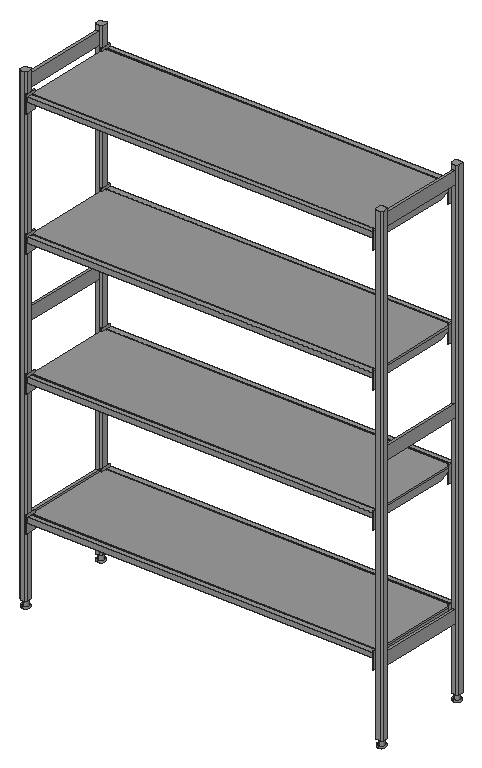
Revit family "QF_ZANUSSI_137016_ALS1304", category Attrezzature speciali, Revit 2020
Family settings
  Quota connettore circolare = Usa diametro
  Tipo di parte = Normale
  Basato su piano di lavoro = No
  Sempre verticale = Sì
  Taglio con vuoti quando caricato = No
  Condiviso = No
  Punto di calcolo locali = No
Parameters (values of type "Standard")
  Weight = 22.00 kg
  Watts = 0 W
  Volts = 0 V
  URL Manufacturer = "http://www.zanussiprofessional.com"
  URL = "http://www.zanussiprofessional.com"
  Steam Supply Size = 0 mm
  Steam Supply Minimum Pressure = 0.0 Pa
  Steam Supply Maximum Pressure = 0.0 Pa
  Steam Consumption per Hour = 0
  Refrigeration Suction Line Size = 0.0 mm
  Refrigeration Liquid Line Size = 0.0 mm
  Refrigerant Compressor Remote = yes
  Prospetto di default = 0.0 mm
  Phase = 0
  Modello = "ALS1304"
  Produttore = "Zanussi"
  Length Actual = 1304.0 mm  # constant formula
  Item Number = "137016"
  Hot Water Size = 0 mm
  Height Actual = 1700.0 mm  # constant formula
  HP = "0 HP"
  Gas Size = 0 mm
  Gas KW = 0
  Gas Input Pressure = 0 W
  Direct Waste Size = 0 mm
  Descrizione = "ALUM.LINEAR SHELV.-POLY.TIERS-373X1304MM"
  Depth Actual = 373.0 mm  # constant formula
  Cycle = 0 Hz
  Condensate Return Size = 0 mm
  Compressed Air Volume = 0.0 L/s
  Compressed Air Size = 0 mm
  Compressed Air Pressure = 0.0 Pa
  Cold Water Size = 0 mm
  Accessory = yes
Reference planes
  plane 1: z = 0
  plane 2 "Center (Left/Right)": x = -31
  plane 3 "LEFT": x = -683
  plane 4 "RIGHT": x = 621
  plane 5 "BACK": y = 23
  plane 6 "FRONT": y = -350
  plane 7 "TOP": z = 1700
  plane 8: x = 616
  plane 9: x = -651
  plane 10: x = 589
  plane 11 "Center (Front/Back)": y = -163.5
  plane 12: x = 584
  plane 13: y = -8.5
  plane 14: y = -318.5
  plane 15 "FEET": z = 25
  plane 16: z = 275
  plane 17: z = 725
  plane 18: z = 1175
  plane 19: z = 1625
  plane 20 "CXLeft": x = -669
  plane 21 "CXRight": x = 607
  plane 22: y = 5.5
  plane 23 "CYBack": y = 5.5
  plane 24 "CYFront": y = -332.5
Forms (mm)
  Extrusion 1, solid, material "QF_Aluminum"
    sketch origin (-683, 0, 0) x (0, 1, 0) y (0, 0, 1)
      loop
        line (4, 1650.994) -> (4, 1632.998) -> (23, 1632.998) -> (23, 1650.994) -> (4, 1650.994)
      loop
        line (-331, 1650.994) -> (-350, 1650.994) -> (-350, 1632.998) -> (-331, 1632.998) -> (-331, 1650.994)
      loop
        line (4, 1200.994) -> (4, 1182.998) -> (23, 1182.998) -> (23, 1200.994) -> (4, 1200.994)
      loop
        line (-331, 1200.994) -> (-350, 1200.994) -> (-350, 1182.998) -> (-331, 1182.998) -> (-331, 1200.994)
      loop
        line (4, 750.994) -> (4, 732.998) -> (23, 732.998) -> (23, 750.994) -> (4, 750.994)
      loop
        line (-331, 750.994) -> (-350, 750.994) -> (-350, 732.998) -> (-331, 732.998) -> (-331, 750.994)
      loop
        line (4, 300.994) -> (4, 282.998) -> (23, 282.998) -> (23, 300.994) -> (4, 300.994)
      loop
        line (-331, 300.994) -> (-350, 300.994) -> (-350, 282.998) -> (-331, 282.998) -> (-331, 300.994)
    from 32 to 1272
  Extrusion 2, solid, material "QF_Polyethylene"
    sketch origin (-683, 0, 0) x (0, 1, 0) y (0, 0, 1)
      loop
        line (2.007, 1650.994) -> (-329, 1650.994) -> (-329, 1644.496) -> (2.007, 1644.496) -> (2.007, 1650.994)
      loop
        line (2.007, 1200.994) -> (-329, 1200.994) -> (-329, 1194.496) -> (2.007, 1194.496) -> (2.007, 1200.994)
      loop
        line (2.007, 750.994) -> (-329, 750.994) -> (-329, 744.496) -> (2.007, 744.496) -> (2.007, 750.994)
      loop
        line (2.007, 300.994) -> (-329, 300.994) -> (-329, 294.496) -> (2.007, 294.496) -> (2.007, 300.994)
    from 32 to 1272
  Extrusion 3, solid, material "QF_Aluminum"
    sketch origin (621, 0, 0) x (0, 1, 0) y (0, 0, 1)
      loop
        line (-12, 1632.998) -> (4, 1632.998) -> (4, 1650.994) -> (2.007, 1650.994) -> (2.007, 1644.496) -> (-329, 1644.496) -> (-329, 1650.994) -> (-331, 1650.994) -> (-331, 1632.998) -> (-315, 1632.998) -> (-281, 1620.994) -> (-46, 1620.994) -> (-12, 1632.998)
      loop
        line (-12, 1182.998) -> (4, 1182.998) -> (4, 1200.994) -> (2.007, 1200.994) -> (2.007, 1194.496) -> (-329, 1194.496) -> (-329, 1200.994) -> (-331, 1200.994) -> (-331, 1182.998) -> (-315, 1182.998) -> (-281, 1170.994) -> (-46, 1170.994) -> (-12, 1182.998)
      loop
        line (-12, 732.998) -> (4, 732.998) -> (4, 750.994) -> (2.007, 750.994) -> (2.007, 744.496) -> (-329, 744.496) -> (-329, 750.994) -> (-331, 750.994) -> (-331, 732.998) -> (-315, 732.998) -> (-281, 720.994) -> (-46, 720.994) -> (-12, 732.998)
      loop
        line (-12, 282.998) -> (4, 282.998) -> (4, 300.994) -> (2.007, 300.994) -> (2.007, 294.496) -> (-329, 294.496) -> (-329, 300.994) -> (-331, 300.994) -> (-331, 282.998) -> (-315, 282.998) -> (-281, 270.994) -> (-46, 270.994) -> (-12, 282.998)
    from -32 to -37
Lines and regions (mm)
  symbolic lines
    curve 1: line (589, 4, 1700) -> (-651, 4, 1700)
    curve 2: line (-655, 23, 1700) -> (593, 23, 1700)
    curve 3: line (593, 13.246, 1700) -> (599.254, 19.5, 1700)
    curve 4: line (599.254, -8.5, 1700) -> (593, -2.246, 1700)
    curve 5: line (599.254, -318.5, 1700) -> (593, -324.754, 1700)
    curve 6: line (-655, -350, 1700) -> (593, -350, 1700)
    curve 7: line (593, 23, 1700) -> (593, -12.993, 1700)
    curve 8: line (593, -12.993, 1700) -> (589, -12.993, 1700)
    curve 9: line (593, -350, 1700) -> (593, -314.007, 1700)
    curve 10: line (593, -314.007, 1700) -> (589, -314.007, 1700)
    curve 11: line (-651, -12.993, 1700) -> (-651, -314.007, 1700)
    curve 12: line (-651, -331, 1700) -> (589, -331, 1700)
    curve 13: line (589, -12.993, 1700) -> (589, -314.007, 1700)
Dimensions and locks
  locked: plane 3 "LEFT" to plane 4 "RIGHT" at 1304
  equal spacing: plane 3 "LEFT", plane 2 "Center (Left/Right)", plane 4 "RIGHT"
  locked: plane 7 "TOP" to level at 1700
  locked: plane 5 "BACK" to plane 6 "FRONT" at 373
  locked: plane 4 "RIGHT" to plane 8 at 5
  locked: plane 9 to plane 10 at 1240
  locked: plane 3 "LEFT" to plane 9 at 32
  plane 12 to plane 10 = 5.0 mm
  locked: plane 13 to plane 14 at 310
  equal spacing: plane 13, plane 11 "Center (Front/Back)", plane 14
  equal spacing: plane 5 "BACK", plane 11 "Center (Front/Back)", plane 6 "FRONT"
  plane 15 "FEET" to level = 25.0 mm
  plane 7 "TOP" to plane 15 "FEET" = 1675.0 mm
  plane 16 to plane 15 "FEET" = 250.0 mm
  plane 17 to plane 16 = 450.0 mm
  plane 18 to plane 17 = 450.0 mm
  plane 19 to plane 18 = 450.0 mm
  locked: plane 3 "LEFT" to plane 20 "CXLeft" at 14
  locked: plane 21 "CXRight" to plane 4 "RIGHT" at 14
  locked: plane 5 "BACK" to plane 23 "CYBack" at 17.5
  locked: plane 24 "CYFront" to plane 6 "FRONT" at 17.5
  aligned and locked: level to plane 1
  aligned and locked: plane 9 to Extrusion 2
  aligned and locked: Extrusion 2 to plane 10
  aligned and locked: plane 9 to Extrusion 1
  aligned and locked: Extrusion 1 to plane 10
  aligned and locked: Extrusion 1 sketch curve to Extrusion 1 sketch curve  (x2)
  aligned and locked: Extrusion 3 sketch curve to Extrusion 3 sketch curve  (x3)
  aligned and locked: Extrusion 3 to plane 12
  aligned and locked: Extrusion 3 to plane 10
  aligned and locked: plane 20 "CXLeft" to nested 1
  aligned and locked: plane 21 "CXRight" to nested 2
Automatic sketch dimensions
  Extrusion 1 sketch curve to plane 6 "FRONT" = 0.0 mm  (x4)
  Extrusion 1 sketch curve to plane 5 "BACK" = 0.0 mm  (x4)
  plane 24 "CYFront" to Extrusion 1 sketch curve = 1.5 mm  (x2)
  plane 22 to Extrusion 1 sketch curve = 1.5 mm  (x4)
  plane 16 to Extrusion 1 sketch curve = 7.998 mm  (x2)
  Extrusion 1 sketch curve to Extrusion 1 sketch curve = 17.997 mm  (x8)
  plane 17 to Extrusion 1 sketch curve = 7.998 mm  (x2)
  plane 18 to Extrusion 1 sketch curve = 7.998 mm  (x2)
  plane 19 to Extrusion 1 sketch curve = 7.998 mm  (x2)
  plane 24 "CYFront" to Extrusion 2 sketch curve = 3.5 mm  (x4)
  plane 22 to Extrusion 2 sketch curve = 3.493 mm  (x4)
  plane 16 to Extrusion 2 sketch curve = 19.496 mm
  Extrusion 2 sketch curve to Extrusion 2 sketch curve = 6.499 mm  (x4)
  plane 17 to Extrusion 2 sketch curve = 19.496 mm
  plane 18 to Extrusion 2 sketch curve = 19.496 mm
  plane 19 to Extrusion 2 sketch curve = 19.496 mm
  plane 24 "CYFront" to Extrusion 3 sketch curve = 1.5 mm  (x4)
  Extrusion 3 sketch curve to Extrusion 3 sketch curve = 2.0 mm
  plane 14 to Extrusion 3 sketch curve = 3.5 mm  (x4)
  Extrusion 3 sketch curve to plane 16 = 4.006 mm
  Extrusion 3 sketch curve to Extrusion 3 sketch curve = 34.0 mm  (x4)
  Extrusion 3 sketch curve to plane 17 = 4.006 mm
  Extrusion 3 sketch curve to plane 18 = 4.006 mm
  Extrusion 3 sketch curve to plane 19 = 4.006 mm
  Extrusion 3 sketch curve to plane 13 = 37.5 mm  (x4)
  Extrusion 3 sketch curve to plane 13 = 3.5 mm  (x4)
  plane 22 to Extrusion 3 sketch curve = 3.493 mm  (x4)
  plane 22 to Extrusion 3 sketch curve = 1.5 mm  (x4)
  plane 16 to Extrusion 3 sketch curve = 7.998 mm  (x2)
  Extrusion 3 sketch curve to Extrusion 3 sketch curve = 11.498 mm  (x4)
  Extrusion 3 sketch curve to Extrusion 3 sketch curve = 6.499 mm  (x8)
  plane 17 to Extrusion 3 sketch curve = 7.998 mm  (x2)
  plane 18 to Extrusion 3 sketch curve = 7.998 mm  (x2)
  plane 19 to Extrusion 3 sketch curve = 7.998 mm  (x2)
  curve 6 to plane 6 "FRONT" = 0.0 mm
  curve 12 to plane 9 = 0.0 mm
  curve 12 to plane 10 = 0.0 mm
  curve 5 to plane 14 = 0.0 mm
  curve 11 to plane 9 = 0.0 mm
  curve 8 to plane 10 = 0.0 mm
  curve 4 to plane 13 = 0.0 mm
  curve 1 to plane 9 = 0.0 mm
  curve 1 to plane 10 = 0.0 mm
  curve 2 to plane 5 "BACK" = 0.0 mm
  plane 14 to curve 10 = 4.493 mm
  curve 7 to plane 13 = 4.493 mm
  curve 10 to plane 10 = 4.0 mm
  curve 7 to plane 10 = 4.0 mm
  plane 24 "CYFront" to curve 12 = 1.5 mm
  curve 5 to plane 14 = 6.254 mm
  plane 14 to curve 11 = 4.493 mm
  curve 11 to plane 13 = 4.493 mm
  plane 13 to curve 4 = 6.254 mm
  plane 22 to curve 1 = 1.5 mm
  curve 3 to plane 22 = 7.746 mm
  curve 3 to plane 5 "BACK" = 3.5 mm
  curve 5 to curve 9 = 6.254 mm
  curve 3 to curve 2 = 6.254 mm
  curve 4 to curve 7 = 6.254 mm
  plane 9 to curve 2 = 4.0 mm
  plane 9 to curve 6 = 4.0 mm
Nested families
  nested 1: "WT_Anta373" at (-266, 0, 0), type "WT_Anta373"
  nested 2: "WT_Anta373" at (204, 0, 0) x (-1, 0, 0) z (0, 0, 1), type "WT_Anta373"
Definition of nested family "WT_Anta373"
  Parameters
    WidthLeft = A + 64.0 mm  # 772.0 mm
    Width = 1606.0 mm
    Right = WidthLeft / 2  # 386.0 mm
    Default Elevation = 0.0 mm
    Left = -WidthLeft / 2  # -386.0 mm
    Height = 1725.0 mm
    FEET = 25.0 mm
    E = 0.0 mm
    Dint = Depth - 63.0 mm  # 310.0 mm
    Dext = Depth - 8.0 mm  # 365.0 mm
    Depth = 373.0 mm
    DX = (WidthLeft - A) / 2  # 32.0 mm
    B = 798.0 mm
    A = 708.0 mm
  Reference planes
    plane 1: z = 0
    plane 2 "LEFT": x = -417
    plane 3 "BACK": y = 23
    plane 4 "FRONT": y = -350
    plane 5 "TOP": z = 1725
    plane 6 "Center (Front/Back)": y = -163.5
    plane 7: y = -8.5
    plane 8: y = -318.5
    plane 9 "FEET": z = 25
    plane 10: z = 275
    plane 11: z = 725
    plane 12: z = 1175
    plane 13: z = 1625
    plane 14 "CXLeft": x = -403
    plane 15: y = 5.5
    plane 16 "CYBack": y = 5.5
    plane 17 "CYFront": y = -332.5
    plane 18: x = -385.031
    plane 19: x = -380.031
  Forms (mm)
    Extrusion 1, solid
      sketch origin (0, 0, 0) x (1, 0, 0) y (0, 1, 0)
        loop
          line (-417, 13.246) -> (-417, -2.246) -> (-410.746, -8.5) -> (-395.254, -8.5) -> (-389, -2.246) -> (-389, 13.246) -> (-395.254, 19.5) -> (-410.746, 19.5) -> (-417, 13.246)
      from 1725 to 25
    Extrusion 2, solid
      sketch origin (-417, 0, 0) x (0, 1, 0) y (0, 0, 1)
        loop
          line (23, 246.005) -> (23, 307.993) -> (-12.993, 307.993) -> (-12.993, 246.005) -> (23, 246.005)
        loop
          line (-350, 246.005) -> (-314.007, 246.005) -> (-314.007, 307.993) -> (-350, 307.993) -> (-350, 246.005)
        loop
          line (23, 696.005) -> (23, 757.993) -> (-12.993, 757.993) -> (-12.993, 696.005) -> (23, 696.005)
        loop
          line (-350, 696.005) -> (-314.007, 696.005) -> (-314.007, 757.993) -> (-350, 757.993) -> (-350, 696.005)
        loop
          line (23, 1146.005) -> (23, 1207.993) -> (-12.993, 1207.993) -> (-12.993, 1146.005) -> (23, 1146.005)
        loop
          line (-350, 1146.005) -> (-314.007, 1146.005) -> (-314.007, 1207.993) -> (-350, 1207.993) -> (-350, 1146.005)
        loop
          line (23, 1596.005) -> (23, 1657.993) -> (-12.993, 1657.993) -> (-12.993, 1596.005) -> (23, 1596.005)
        loop
          line (-350, 1596.005) -> (-314.007, 1596.005) -> (-314.007, 1657.993) -> (-350, 1657.993) -> (-350, 1596.005)
      from 28 to 32
    Revolve 3, solid
      sketch origin (-403, 0, 0) x (0, 1, 0) y (0, 0, 1)
        loop
          line (5.5, 25) -> (5.5, 0) -> (19, 0) -> (19, 5) -> (14, 5) -> (14, 25) -> (5.5, 25)
        axis (5.5, 25) -> (5.5, 0)
      angle from 0 to 360
    Extrusion 4, solid
      sketch origin (-403, 0, 0) x (0, 1, 0) y (0, 0, 1)
        loop
          line (-8.5, 912.382) -> (-8.5, 957.374) -> (-318.5, 957.374) -> (-318.5, 912.382) -> (-8.5, 912.382)
        loop
          line (-8.5, 1662.244) -> (-8.5, 1707.236) -> (-318.5, 1707.236) -> (-318.5, 1662.244) -> (-8.5, 1662.244)
      from -5 to 5
    Revolve 5, solid
      sketch origin (-403, -627, 0) x (0, -1, 0) y (0, 0, 1)
        loop
          line (-294.5, 25) -> (-294.5, 0) -> (-281, 0) -> (-281, 5) -> (-286, 5) -> (-286, 25) -> (-294.5, 25)
        axis (-294.5, 25) -> (-294.5, 0)
      angle from 0 to 360
    Extrusion 6, solid
      sketch origin (0, -627, 0) x (1, 0, 0) y (0, 1, 0)
        loop
          line (-417, 286.754) -> (-410.746, 280.5) -> (-395.254, 280.5) -> (-389, 286.754) -> (-389, 302.246) -> (-395.254, 308.5) -> (-410.746, 308.5) -> (-417, 302.246) -> (-417, 286.754)
      from 1725 to 25
    Extrusion 7, solid
      sketch origin (-417.031, -0.022, 0) x (0, 1, 0) y (0, 0, -1)
        loop
          line (-12, -1632.998) -> (-46, -1620.994) -> (-281, -1620.994) -> (-315, -1632.998) -> (-331, -1632.998) -> (-331, -1650.994) -> (-329, -1650.994) -> (-329, -1644.496) -> (2.007, -1644.496) -> (2.007, -1650.994) -> (4, -1650.994) -> (4, -1632.998) -> (-12, -1632.998)
        loop
          line (-12, -1182.998) -> (-46, -1170.994) -> (-281, -1170.994) -> (-315, -1182.998) -> (-331, -1182.998) -> (-331, -1200.994) -> (-329, -1200.994) -> (-329, -1194.496) -> (2.007, -1194.496) -> (2.007, -1200.994) -> (4, -1200.994) -> (4, -1182.998) -> (-12, -1182.998)
        loop
          line (-12, -732.998) -> (-46, -720.994) -> (-281, -720.994) -> (-315, -732.998) -> (-331, -732.998) -> (-331, -750.994) -> (-329, -750.994) -> (-329, -744.496) -> (2.007, -744.496) -> (2.007, -750.994) -> (4, -750.994) -> (4, -732.998) -> (-12, -732.998)
        loop
          line (-12, -282.998) -> (-46, -270.994) -> (-281, -270.994) -> (-315, -282.998) -> (-331, -282.998) -> (-331, -300.994) -> (-329, -300.994) -> (-329, -294.496) -> (2.007, -294.496) -> (2.007, -300.994) -> (4, -300.994) -> (4, -282.998) -> (-12, -282.998)
      from -32 to -37
    Extrusion 8, solid
      sketch origin (-403, 0, -659.878) x (0, 1, 0) y (0, 0, 1)
        loop
          line (-8.5, 912.382) -> (-8.5, 957.374) -> (-318.5, 957.374) -> (-318.5, 912.382) -> (-8.5, 912.382)
        loop
          line (-8.5, 1572.382) -> (-8.5, 1617.374) -> (-318.5, 1617.374) -> (-318.5, 1572.382) -> (-8.5, 1572.382)
        loop
          line (-8.5, 2322.382) -> (-8.5, 2367.374) -> (-318.5, 2367.374) -> (-318.5, 2322.382) -> (-8.5, 2322.382)
      from -5 to 5
  Lines and regions (mm)
    symbolic lines
      curve 1: line (-408, -8.5, 1725) -> (-408, -318.5, 1725)
      curve 2: line (-398, -318.5, 1725) -> (-398, -8.5, 1725)
      curve 3: line (-395.254, -8.5, 1725) -> (-410.746, -8.5, 1725)
      curve 4: line (-417, -2.246, 1725) -> (-410.746, -8.5, 1725)
      curve 5: line (-417, 13.246, 1725) -> (-417, -2.246, 1725)
      curve 6: line (-410.746, 19.5, 1725) -> (-417, 13.246, 1725)
      curve 7: line (-395.254, 19.5, 1725) -> (-410.746, 19.5, 1725)
      curve 8: line (-389, 13.246, 1725) -> (-395.254, 19.5, 1725)
      curve 9: line (-395.254, -8.5, 1725) -> (-389, -2.246, 1725)
      curve 10: line (-395.254, -318.5, 1725) -> (-410.746, -318.5, 1725)
      curve 11: line (-417, -324.754, 1725) -> (-410.746, -318.5, 1725)
      curve 12: line (-410.746, -346.5, 1725) -> (-417, -340.246, 1725)
      curve 13: line (-395.254, -346.5, 1725) -> (-410.746, -346.5, 1725)
      curve 14: line (-389, -340.246, 1725) -> (-395.254, -346.5, 1725)
      curve 15: line (-395.254, -318.5, 1725) -> (-389, -324.754, 1725)
      curve 16: line (-389, -350, 1725) -> (-389, -314.007, 1725)
      curve 17: line (-389, -314.007, 1725) -> (-385, -314.007, 1725)
      curve 18: line (-389, 23, 1725) -> (-389, -12.993, 1725)
      curve 19: line (-389, -12.993, 1725) -> (-385, -12.993, 1725)
      curve 20: line (-417, -324.754, 1725) -> (-417, -340.246, 1725)
      curve 21: line (-385, -350, 1725) -> (-385, -314.007, 1725)
      curve 22: line (-385, -350, 1725) -> (-389, -350, 1725)
      curve 23: line (-385, 23, 1725) -> (-389, 23, 1725)
      curve 24: line (-385, -12.993, 1725) -> (-385, 23, 1725)
      curve 25: line (-385.031, -13.016, 1725) -> (-385.031, -314.029, 1725)
  Dimensions and locks
    "Height": plane 5 "TOP" to level
    "Depth": plane 3 "BACK" to plane 4 "FRONT"
    "Dint": plane 7 to plane 8
    equal spacing: plane 7, plane 6 "Center (Front/Back)", plane 8
    equal spacing: plane 3 "BACK", plane 6 "Center (Front/Back)", plane 4 "FRONT"
    plane 9 "FEET" to level = 25.0 mm
    plane 5 "TOP" to plane 9 "FEET" = 1700.0 mm
    plane 10 to plane 9 "FEET" = 250.0 mm
    plane 11 to plane 10 = 450.0 mm
    plane 12 to plane 11 = 450.0 mm
    plane 13 to plane 12 = 450.0 mm
    locked: plane 2 "LEFT" to plane 14 "CXLeft" at 14
    locked: plane 3 "BACK" to plane 16 "CYBack" at 17.5
    locked: plane 17 "CYFront" to plane 4 "FRONT" at 17.5
    locked: Revolve 3 sketch curve to Revolve 3 sketch curve at 8.5
    locked: Revolve 3 sketch curve to plane 16 "CYBack" at 13.5
    locked: Revolve 5 sketch curve to Revolve 5 sketch curve at 8.5
    aligned and locked: level to plane 1
    aligned and locked: curve 20 to Extrusion 6
    aligned and locked: plane 5 "TOP" to Extrusion 1
    aligned and locked: plane 5 "TOP" to Extrusion 6
    aligned and locked: Extrusion 7 sketch curve to Extrusion 7 sketch curve  (x3)
  Automatic sketch dimensions
    curve 16 to plane 4 "FRONT" = 0.0 mm
    curve 11 to plane 8 = 0.0 mm
    curve 9 to plane 7 = 0.0 mm
    curve 5 to plane 2 "LEFT" = 0.0 mm
    curve 23 to plane 3 "BACK" = 0.0 mm
    plane 4 "FRONT" to curve 13 = 3.5 mm
    curve 20 to plane 17 "CYFront" = 7.746 mm
    curve 20 to plane 8 = 6.254 mm
    plane 8 to curve 16 = 4.493 mm
    curve 24 to plane 18 = 0.031 mm
    curve 24 to plane 7 = 4.493 mm
    plane 7 to curve 5 = 6.254 mm
    curve 5 to plane 15 = 7.746 mm
    curve 6 to plane 3 "BACK" = 3.5 mm
    curve 21 to plane 18 = 0.031 mm
    plane 18 to curve 23 = 3.969 mm
    plane 18 to curve 16 = 3.969 mm
    curve 18 to curve 8 = 6.254 mm
    curve 18 to curve 3 = 6.254 mm
    curve 16 to curve 13 = 6.254 mm
    curve 16 to curve 15 = 6.254 mm
    plane 2 "LEFT" to curve 10 = 6.254 mm
    plane 2 "LEFT" to curve 7 = 6.254 mm
    plane 2 "LEFT" to curve 12 = 6.254 mm
    plane 2 "LEFT" to curve 3 = 6.254 mm
    curve 14 to plane 17 "CYFront" = 7.746 mm
    curve 15 to plane 8 = 6.254 mm
    plane 7 to curve 9 = 6.254 mm
    curve 8 to plane 15 = 7.746 mm
    curve 3 to curve 2 = 2.746 mm
    curve 1 to curve 10 = 2.746 mm
    Extrusion 1 sketch curve to plane 2 "LEFT" = 0.0 mm
    Extrusion 1 sketch curve to plane 7 = 0.0 mm
    plane 2 "LEFT" to Extrusion 1 sketch curve = 6.254 mm  (x2)
    plane 14 "CXLeft" to Extrusion 1 sketch curve = 7.746 mm  (x2)
    Extrusion 1 sketch curve to plane 3 "BACK" = 3.5 mm
    plane 18 to Extrusion 1 sketch curve = 3.969 mm
    plane 7 to Extrusion 1 sketch curve = 6.254 mm  (x2)
    Extrusion 1 sketch curve to plane 15 = 7.746 mm  (x2)
    Extrusion 2 sketch curve to plane 4 "FRONT" = 0.0 mm  (x4)
    Extrusion 2 sketch curve to plane 3 "BACK" = 0.0 mm  (x4)
    plane 8 to Extrusion 2 sketch curve = 4.493 mm  (x4)
    Extrusion 2 sketch curve to plane 7 = 4.493 mm  (x4)
    Extrusion 2 sketch curve to plane 10 = 28.995 mm  (x2)
    plane 10 to Extrusion 2 sketch curve = 32.993 mm  (x2)
    Extrusion 2 sketch curve to plane 11 = 28.995 mm  (x2)
    plane 11 to Extrusion 2 sketch curve = 32.993 mm  (x2)
    Extrusion 2 sketch curve to plane 12 = 28.995 mm  (x2)
    plane 12 to Extrusion 2 sketch curve = 32.993 mm  (x2)
    Extrusion 2 sketch curve to plane 13 = 28.995 mm  (x2)
    plane 13 to Extrusion 2 sketch curve = 32.993 mm  (x2)
    Revolve 3 sketch curve to plane 9 "FEET" = 0.0 mm  (x2)
    Revolve 3 sketch curve to plane 15 = 0.0 mm  (x2)
    Revolve 3 sketch curve to level = 0.0 mm
    level to Revolve 3 sketch curve = 5.0 mm
    Revolve 3 sketch curve to Revolve 3 sketch curve = 11.655 mm
    Extrusion 4 sketch curve to plane 8 = 0.0 mm  (x2)
    Extrusion 4 sketch curve to plane 7 = 0.0 mm  (x2)
    plane 11 to Extrusion 4 sketch curve = 187.382 mm
    Extrusion 4 sketch curve to Extrusion 4 sketch curve = 44.992 mm
    plane 13 to Extrusion 4 sketch curve = 37.244 mm
    Extrusion 4 sketch curve to plane 5 "TOP" = 17.764 mm
    Revolve 5 sketch curve to plane 9 "FEET" = 0.0 mm  (x2)
    Revolve 5 sketch curve to plane 17 "CYFront" = 0.0 mm  (x2)
    Revolve 5 sketch curve to level = 0.0 mm
    Revolve 5 sketch curve to plane 4 "FRONT" = 4.0 mm
    Revolve 5 sketch curve to Revolve 5 sketch curve = 5.0 mm
    level to Revolve 5 sketch curve = 11.655 mm
    Extrusion 6 sketch curve to plane 2 "LEFT" = 0.0 mm
    Extrusion 6 sketch curve to plane 8 = 0.0 mm
    Extrusion 6 sketch curve to plane 2 "LEFT" = 6.254 mm  (x2)
    Extrusion 6 sketch curve to plane 14 "CXLeft" = 7.746 mm  (x2)
    Extrusion 6 sketch curve to plane 4 "FRONT" = 3.5 mm
    Extrusion 6 sketch curve to plane 18 = 3.969 mm
    plane 8 to Extrusion 6 sketch curve = 6.254 mm  (x2)
    plane 17 "CYFront" to Extrusion 6 sketch curve = 7.746 mm  (x2)
    plane 17 "CYFront" to Extrusion 7 sketch curve = 1.478 mm  (x4)
    Extrusion 7 sketch curve to Extrusion 7 sketch curve = 2.0 mm
    plane 8 to Extrusion 7 sketch curve = 3.478 mm  (x4)
    Extrusion 7 sketch curve to plane 10 = 4.006 mm
    Extrusion 7 sketch curve to Extrusion 7 sketch curve = 34.0 mm  (x4)
    Extrusion 7 sketch curve to plane 11 = 4.006 mm
    Extrusion 7 sketch curve to plane 12 = 4.006 mm
    Extrusion 7 sketch curve to plane 13 = 4.006 mm
    Extrusion 7 sketch curve to plane 7 = 37.522 mm  (x4)
    Extrusion 7 sketch curve to plane 7 = 3.522 mm  (x4)
    plane 15 to Extrusion 7 sketch curve = 3.516 mm  (x4)
    plane 15 to Extrusion 7 sketch curve = 1.522 mm  (x4)
    plane 13 to Extrusion 7 sketch curve = 7.998 mm  (x2)
    Extrusion 7 sketch curve to Extrusion 7 sketch curve = 11.498 mm
    Extrusion 7 sketch curve to Extrusion 7 sketch curve = 6.499 mm  (x5)
    plane 12 to Extrusion 7 sketch curve = 25.994 mm  (x2)
    plane 12 to Extrusion 7 sketch curve = 7.998 mm  (x2)
    plane 11 to Extrusion 7 sketch curve = 25.994 mm  (x2)
    plane 11 to Extrusion 7 sketch curve = 7.998 mm  (x2)
    plane 10 to Extrusion 7 sketch curve = 25.994 mm  (x2)
    plane 10 to Extrusion 7 sketch curve = 7.998 mm  (x2)
    curve 25 to plane 18 = 0.0 mm
    plane 8 to curve 25 = 4.471 mm
    curve 25 to plane 7 = 4.516 mm
    Extrusion 8 sketch curve to plane 8 = 0.0 mm  (x3)
    Extrusion 8 sketch curve to plane 7 = 0.0 mm  (x3)
    Extrusion 8 sketch curve to plane 10 = 22.496 mm
    plane 10 to Extrusion 8 sketch curve = 22.496 mm
    plane 11 to Extrusion 8 sketch curve = 187.504 mm
    Extrusion 8 sketch curve to Extrusion 8 sketch curve = 44.992 mm
    plane 13 to Extrusion 8 sketch curve = 37.504 mm
    Extrusion 8 sketch curve to plane 5 "TOP" = 17.504 mm
